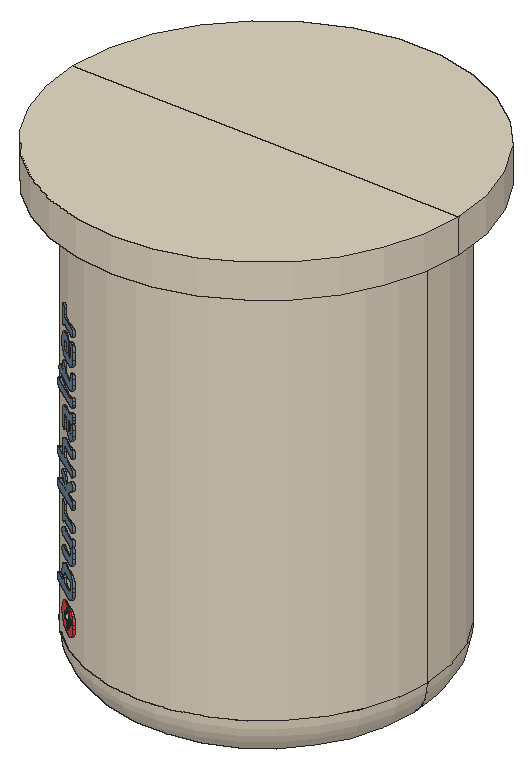
Revit family "Salzbehälter", category HLS-Bauteile, Revit 2022
Family settings
  Bemaßung runder Anschluss = Durchmesser verwenden
  Klassifizierung = Keine
  Teiletyp = Normal
  Arbeitsebenenbasiert = Nein
  Immer vertikal = Ja
  Beim Laden mit Abzugskörper schneiden = Nein
  Beschriftungsausrichtung beibehalten = Nein
  Gemeinsam genutzt = Nein
  Raumberechnungspunkt = Nein
Parameters (values of type "Salzbehälter - 75L")
  ZD = 75 mm  # constant formula
  Typ = "75L"
  LUT = "Salzbehälter"  # constant formula
  Homepage = "https://www.burkhalter-h2o.ch/de"
  HB = E1 + ZD  # 845 mm
  E1 = E - 60 mm  # 770 mm
  E = size_lookup(LUT, Typ, 1 mm, "E")  # 830 mm
  Vorgabe-Ansicht = 0 mm
  D1 = size_lookup(LUT, Typ, 1 mm, "D1")  # 680 mm
  D = size_lookup(LUT, Typ, 1 mm, "D")  # 570 mm
Types (11, lengths in mm): name | Typ | HB | E1 | E | D1 | D
  Salzbehälter - 15L | "15L" | 800 | 725 | 785 | 600 | 480
  Salzbehälter - 25L | "25L" | 800 | 725 | 785 | 600 | 480
  Salzbehälter - 50L | "50L" | 845 | 770 | 830 | 680 | 570
  Salzbehälter - 75L | "75L" | 845 | 770 | 830 | 680 | 570
  Salzbehälter - 100L | "100L" | 1015 | 940 | 1000 | 765 | 660
  Salzbehälter - 125L | "125L" | 1015 | 940 | 1000 | 765 | 660
  Salzbehälter - 150L | "150L" | 940 | 865 | 925 | 875 | 760
  Salzbehälter - 200L | "200L" | 940 | 865 | 925 | 875 | 760
  Salzbehälter - 250L | "250L" | 940 | 865 | 925 | 875 | 760
  Salzbehälter - 300L | "300L" | 1105 | 1030 | 1090 | 1000 | 890
  Salzbehälter - 400L | "400L" | 1105 | 1030 | 1090 | 1000 | 890
Reference planes
  plane 1 "Mitte (Vorne/hinten)": y = 0
  plane 2: z = 0
  plane 3 "Mitte (Links/rechts)": x = 0
  plane 4: x = -340
  plane 5: z = 75
  plane 6: z = 830
  plane 7: z = 770
  plane 8: x = 340
  plane 9: x = -285
  plane 10: x = 285
  plane 11: through (0, 0, 1200) normal (0.866, -0.5, 0)
  plane 12: z = 100
  plane 13: z = 158.593
  plane 14: z = 212.875
  plane 15: z = 268.954
  plane 16: z = 306.86
  plane 17: z = 356.977
  plane 18: z = 451.541
  plane 19: z = 465.796
  plane 20: z = 490.727
  plane 21: z = 526.518
  plane 22: z = 578.573
Forms (mm)
  Revolve 1, solid, material "Plastic, Formed"
    sketch origin (0, 0, 0) x (1, 0, 0) y (0, 0, 1)
      loop
        line (-340, 830) -> (-340, 770) -> (0, 770) -> (0, 830) -> (-340, 830)
      axis (0, 830) -> (0, 770)
    angle from 0 to 360
Dimensions and locks
  "ZD": plane 5 to plane 2
  "E": plane 6 to plane 2
  "E1": plane 7 to plane 2
  equal spacing: plane 8, plane 3 "Mitte (Links/rechts)", plane 4
  "D1": plane 8 to plane 4
  equal spacing: plane 10, plane 3 "Mitte (Links/rechts)", plane 9
  "D": plane 10 to plane 9
  locked: plane 13 to plane 12 at 58.593
  locked: plane 14 to plane 13 at 54.282
  locked: plane 15 to plane 14 at 56.079
  locked: plane 16 to plane 15 at 37.905
  locked: plane 17 to plane 16 at 50.117
  locked: plane 18 to plane 17 at 94.563
  locked: plane 19 to plane 18 at 14.255
  locked: plane 20 to plane 19 at 24.931
  locked: plane 21 to plane 20 at 35.791
  locked: plane 22 to plane 21 at 52.055
  plane 12 to plane 2 = 100 mm
  aligned and locked: level to plane 2
  aligned and locked: plane 3 "Mitte (Links/rechts)" to nested 1
  aligned and locked: Revolve 1 sketch curve to plane 6
  aligned and locked: plane 4 to Revolve 1 sketch curve
  aligned and locked: nested 1 to Revolve 1 sketch curve
  aligned and locked: Revolve 1 sketch curve to plane 3 "Mitte (Links/rechts)"  (x2)
  aligned and locked: nested 2 to plane 12
  aligned and locked: nested 3 to plane 13
  aligned and locked: nested 4 to plane 15
  aligned and locked: nested 5 to plane 14
  aligned and locked: nested 6 to plane 16
  aligned and locked: nested 7 to plane 17
  aligned and locked: plane 18 to nested 8
  aligned and locked: nested 9 to plane 19
  aligned and locked: nested 10 to plane 20
  aligned and locked: nested 11 to plane 21
  aligned and locked: nested 12 to plane 22
Automatic sketch dimensions
  Revolve 1 sketch curve to level = 366.045 mm
  Revolve 1 sketch curve to Revolve 1 sketch curve = 1429.315 mm
Nested families
  nested 1: "RI-Behälter Typ 3" at (0, 0, 0), Eingabewert_Durchmesser <- "D", Eingabewert_Zylinderdeckel_Höhe <- "ZD", Eingabewert_Höhe <- "HB", type "RI-Behälter Typ 3"
    with Wertkontrolle_Zylinderdeckel_Höhe 75 mm, Wertkontrolle_Höhe 845 mm, Wertkontrolle_Durchmesser 570 mm, Eingabewert_Zylinderdeckel_Höhe 75 mm, Eingabewert_Höhe 845 mm, Eingabewert_Durchmesser 570 mm, Berechnet_Radius 285 mm
  nested 2: "Icon" at (-164.247, -232.912, 100) x (0.8172, -0.5763, 0) z (-0.5763, -0.8172, 0), type "Icon"
  nested 3: "b" at (-164.252, -232.908, 158.593) x (0.8172, -0.5763, 0) z (-0.5763, -0.8172, 0), type "b"
  nested 4: "r" at (-164.257, -232.905, 268.954) x (0.8172, -0.5763, 0) z (-0.5763, -0.8172, 0), type "r"
  nested 5: "u" at (-164.254, -232.907, 212.875) x (0.8172, -0.5763, 0) z (-0.5763, -0.8172, 0), type "u"
  nested 6: "k" at (-164.254, -232.907, 306.86) x (0.8172, -0.5763, 0) z (-0.5763, -0.8172, 0), type "k"
  nested 7: "h" at (-164.245, -232.914, 356.977) x (0.8172, -0.5763, 0) z (-0.5763, -0.8172, 0), type "h"
  nested 8: "a" at (-164.254, -232.907, 408.436) x (0.8172, -0.5763, 0) z (-0.5763, -0.8172, 0), type "a"
  nested 9: "l" at (-164.254, -232.907, 465.796) x (0.8172, -0.5763, 0) z (-0.5763, -0.8172, 0), type "l"
  nested 10: "t" at (-164.254, -232.907, 490.727) x (0.8172, -0.5763, 0) z (-0.5763, -0.8172, 0), type "t"
  nested 11: "e" at (-164.254, -232.907, 526.518) x (0.8172, -0.5763, 0) z (-0.5763, -0.8172, 0), type "e"
  nested 12: "r" at (-164.267, -232.897, 578.573) x (0.8172, -0.5764, 0) z (-0.5764, -0.8172, 0), type "r"
Definition of nested family "RI-Behälter Typ 3"
  Parameters (values of type "RI-Behälter Typ 3")
    Wertkontrolle_Zylinderdeckel_Höhe [instance] = if(Eingabewert_Zylinderdeckel_Höhe > Berechnet_Radius, Berechnet_Radius, Eingabewert_Zylinderdeckel_Höhe)  # 400 mm
    Wertkontrolle_Höhe [instance] = if(Eingabewert_Höhe < (2 * Wertkontrolle_Zylinderdeckel_Höhe + 1 mm), (2 * Wertkontrolle_Zylinderdeckel_Höhe + 1 mm), Eingabewert_Höhe)  # 2380 mm
    Wertkontrolle_Durchmesser [instance] = if(Eingabewert_Durchmesser < (2 * Berechnet_Radius), (2 * Berechnet_Radius), Eingabewert_Durchmesser)  # 2000 mm
    Eingabewert_Zylinderdeckel_Höhe [instance] = 400 mm
    Default Elevation = 0 mm
    Homepage = "https://www.burkhalter-h2o.ch"
    Eingabewert_Höhe [instance] = 2380 mm
    Eingabewert_Durchmesser [instance] = 2000 mm
    Datenblatt = "https://www.burkhalter-h2o.ch/dam/datenblaetter/enthaertungsanlagen/de/neptun/einsaeulen/03_datenblatt_wasserenthaerter_neptun-medius_de.pdf"
    Berechnet_Radius [instance] = Eingabewert_Durchmesser / 2  # 1000 mm
  Reference planes
    plane 1 "Mitte (Vorne/hinten)": y = 0
    plane 2: z = 0
    plane 3 "Mitte (Links/rechts)": x = 0
    plane 4: z = 1980
    plane 5: x = -1000
    plane 6: x = 1000
    plane 7: z = 2380
    plane 8: z = 400
  Forms (mm)
    Revolve 1, solid
      sketch origin (0, 0, 455) x (1, 0, 0) y (0, 0, 1)
        loop
          line (-1000, 1525) -> (-1000, -55) -> (0, -55) -> (0, 1525) -> (-1000, 1525)
        axis (0, 1525) -> (0, -55)
      angle from 0 to 360
  Dimensions and locks
    equal spacing: plane 6, plane 3 "Mitte (Links/rechts)", plane 5
    "Wertkontrolle_Durchmesser": plane 6 to plane 5
    "Wertkontrolle_Höhe": plane 7 to plane 2
    "Wertkontrolle_Zylinderdeckel_Höhe": plane 7 to plane 4
    "Eingabewert_Zylinderdeckel_Höhe": plane 8 to plane 2
    aligned and locked: level to plane 2
    aligned and locked: Revolve 1 sketch curve to plane 4
    aligned and locked: plane 5 to Revolve 1 sketch curve
    aligned and locked: Revolve 1 sketch curve to plane 3 "Mitte (Links/rechts)"
    aligned and locked: plane 2 to nested 1
    aligned and locked: plane 8 to nested 1
    aligned and locked: Revolve 1 to plane 8
  Automatic sketch dimensions
    Revolve 1 sketch curve to plane 3 "Mitte (Links/rechts)" = 0 mm
    level to Revolve 1 sketch curve = 88.955 mm
    Revolve 1 sketch curve to Revolve 1 sketch curve = 1759.315 mm
    level to Revolve 1 sketch curve = 400 mm
  Nested families
    nested 1: "RI-Zylinderdeckel" at (0, 0, 400) x (1, 0, 0) z (0, 0, -1), Eingabewert_Radius <- "Berechnet_Radius", Eingabewert_Höhe <- "Eingabewert_Zylinderdeckel_Höhe", type "RI-Zylinderdeckel"
      with Wertkontrolle_Radius 1000 mm, Wertkontrolle_Höhe 400 mm, Eingabewert_Wölbung 400 mm, Eingabewert_Radius 1000 mm, Eingabewert_Höhe 400 mm
  Definition of nested family "RI-Zylinderdeckel"
    Parameters (values of type "RI-Zylinderdeckel")
      Default Elevation = 0 mm
      Wertkontrolle_Radius [instance] = if(Eingabewert_Radius < Minimum, Minimum, if(Eingabewert_Radius > Maximum, Maximum, if(Eingabewert_Höhe > Eingabewert_Radius, Eingabewert_Höhe, Eingabewert_Radius)))  # 60 mm
      Eingabewert_Wölbung [instance] = Eingabewert_Höhe  # 60 mm
      Eingabewert_Radius [instance] = 50 mm
      Minimum = 15 mm  # constant formula
      Maximum = 9999 mm  # constant formula
      Wertkontrolle_Höhe [instance] = if(Eingabewert_Höhe < Minimum, Minimum, if(Eingabewert_Höhe > Maximum, Maximum, Eingabewert_Höhe))  # 60 mm
      Eingabewert_Höhe [instance] = 60 mm
    Reference planes
      plane 1 "Mitte (Vorne/hinten)": y = 0
      plane 2: z = 0
      plane 3 "Mitte (Links/rechts)": x = 0
      plane 4: z = 60
      plane 5: x = -60
    Forms (mm)
      Revolve 1, solid
        sketch origin (0, 0, 0) x (1, 0, 0) y (0, 0, 1)
          loop
            line (-60, 60) -> (-60, 0) -> (0, 0) -> (0, 60) -> (-60, 60)
          axis (0, 60) -> (0, 0)
        angle from 0 to 360
      Revolve 2, void
        sketch origin (0, 0, 0) x (1, 0, 0) y (0, 0, 1)
          loop
            arc (-60, 0) -> (-42.426, 42.426) -> (0, 60) r 60
            line (0, 60) -> (-60, 60) -> (-60, 0)
          axis (0, 60) -> (0, 0)
        angle from 0 to 360
    Cuts and joins
      Revolve 2 cuts Revolve 1
    Dimensions and locks
      "Wertkontrolle_Radius": plane 3 "Mitte (Links/rechts)" to plane 5
      "Wertkontrolle_Höhe": plane 4 to level
      "Eingabewert_Wölbung": radius of Revolve 2 sketch curve
      aligned and locked: level to plane 2
      aligned and locked: Revolve 1 sketch curve to plane 4
      aligned and locked: plane 5 to Revolve 1 sketch curve
      aligned and locked: plane 2 to Revolve 1 sketch curve
      aligned and locked: Revolve 1 sketch curve to plane 3 "Mitte (Links/rechts)"  (x2)
      aligned and locked: Revolve 2 sketch curve to plane 3 "Mitte (Links/rechts)"
      aligned and locked: plane 5 to Revolve 2 sketch curve
      aligned and locked: Revolve 2 sketch curve to plane 4
    Automatic sketch dimensions
      Revolve 1 sketch curve to level = 366.045 mm
      plane 4 to Revolve 1 sketch curve = 1902.276 mm
      Revolve 2 sketch curve to level = 366.045 mm
      Revolve 2 sketch curve to Revolve 2 sketch curve = 2114.315 mm
Definition of nested family "Icon"
  Parameters (values of type "Icon")
    Default Elevation = 1219.2 mm
    Höhe = 0.1 mm
  Reference planes
    plane 1 "Mitte (Vorne/hinten)": y = 0
    plane 2: z = 0
    plane 3 "Mitte (Links/rechts)": x = 0
    plane 4: z = 0.1
    plane 5: z = -50
    plane 6: x = 30
  Forms (mm)
    Extrusion 1, solid
      sketch origin (0, 0, 0) x (1, 0, 0) y (0, 1, 0)
        loop
          line (-1219.2, 1219.2) -> (-1219.2, -1219.2) -> (1219.2, -1219.2) -> (1219.2, 1219.2) -> (-1219.2, 1219.2)
      from 0 to -304.8
    Extrusion 2, solid
      sketch origin (-1602.15, 250.908, 0) x (0, 1, 0) y (-1, 0, 0)
        loop
          arc (-231.908, -1578.74) -> (-245.343, -1584.305) -> (-250.908, -1597.74) r 19
          line (-250.908, -1597.74) -> (-250.908, -1613.15)
          arc (-250.908, -1613.15) -> (-245.343, -1626.585) -> (-231.908, -1632.15) r 19
          line (-231.908, -1632.15) -> (-224.536, -1632.15)
          arc (-224.536, -1632.15) -> (-211.101, -1626.585) -> (-205.536, -1613.15) r 19
          line (-205.536, -1613.15) -> (-205.536, -1597.74)
          arc (-205.536, -1597.74) -> (-211.101, -1584.305) -> (-224.536, -1578.74) r 19
          line (-224.536, -1578.74) -> (-231.908, -1578.74)
        loop
          arc (-223.487, -1593.713) -> (-228.222, -1588.977) -> (-232.957, -1593.713) r 4.735
          line (-232.957, -1593.713) -> (-232.957, -1600.71) -> (-239.911, -1600.71)
          arc (-239.911, -1600.71) -> (-244.646, -1605.445) -> (-239.911, -1610.18) r 4.735
          line (-239.911, -1610.18) -> (-232.957, -1610.18) -> (-232.957, -1616.831)
          arc (-232.957, -1616.831) -> (-228.222, -1621.566) -> (-223.487, -1616.831) r 4.735
          line (-223.487, -1616.831) -> (-223.487, -1610.18) -> (-216.523, -1610.18)
          arc (-216.523, -1610.18) -> (-211.788, -1605.445) -> (-216.523, -1600.71) r 4.735
          line (-216.523, -1600.71) -> (-223.487, -1600.71) -> (-223.487, -1593.713)
      from -50 to 0.1
    Extrusion 3, solid
      sketch origin (3.295, 0, 0) x (1, 0, 0) y (0, 1, 0)
        loop
          line (-4.735, 27.421) -> (-11.732, 27.421)
          arc (-11.732, 27.421) -> (-16.467, 22.686) -> (-11.732, 17.951) r 4.735
          line (-11.732, 17.951) -> (-4.735, 17.951) -> (-4.735, 10.997)
          arc (-4.735, 10.997) -> (0, 6.262) -> (4.735, 10.997) r 4.735
          line (4.735, 10.997) -> (4.735, 17.951) -> (11.386, 17.951)
          arc (11.386, 17.951) -> (16.121, 22.686) -> (11.386, 27.421) r 4.735
          line (11.386, 27.421) -> (4.735, 27.421) -> (4.735, 34.384)
          arc (4.735, 34.384) -> (0, 39.119) -> (-4.735, 34.384) r 4.735
          line (-4.735, 34.384) -> (-4.735, 27.421)
      from -50 to 0
  Dimensions and locks
    "Höhe": plane 4 to level
    locked: plane 2 to plane 5 at 50
    plane 3 "Mitte (Links/rechts)" to plane 6 = 30 mm
    aligned and locked: plane 2 to Extrusion 1
    aligned and locked: level to Extrusion 1
    aligned and locked: Extrusion 2 to plane 5
    aligned and locked: plane 4 to Extrusion 2
    aligned and locked: Extrusion 3 to plane 5
    aligned and locked: level to Extrusion 3
  Automatic sketch dimensions
    Extrusion 1 sketch curve to Extrusion 1 sketch curve = 2438.4 mm  (x2)
    Extrusion 2 sketch curve to plane 1 "Mitte (Vorne/hinten)" = 0 mm
    Extrusion 2 sketch curve to plane 3 "Mitte (Links/rechts)" = 1.44 mm
    Extrusion 2 sketch curve to Extrusion 2 sketch curve = 10.997 mm
    Extrusion 2 sketch curve to Extrusion 2 sketch curve = 6.953 mm  (x2)
    Extrusion 2 sketch curve to Extrusion 2 sketch curve = 1.049 mm  (x2)
    Extrusion 2 sketch curve to Extrusion 2 sketch curve = 4.735 mm  (x2)
    Extrusion 2 sketch curve to Extrusion 2 sketch curve = 7.372 mm  (x2)
    Extrusion 2 sketch curve to Extrusion 2 sketch curve = 6.963 mm
    plane 3 "Mitte (Links/rechts)" to Extrusion 2 sketch curve = 11 mm
    Extrusion 2 sketch curve to Extrusion 2 sketch curve = 10.987 mm
    Extrusion 2 sketch curve to Extrusion 2 sketch curve = 3.681 mm
    Extrusion 2 sketch curve to Extrusion 2 sketch curve = 2.97 mm  (x2)
    plane 3 "Mitte (Links/rechts)" to Extrusion 2 sketch curve = 3.295 mm
    Extrusion 2 sketch curve to plane 3 "Mitte (Links/rechts)" = 4.41 mm
    Extrusion 2 sketch curve to Extrusion 2 sketch curve = 4.027 mm
    Extrusion 2 sketch curve to Extrusion 2 sketch curve = 0 mm  (x4)
    plane 3 "Mitte (Links/rechts)" to Extrusion 3 sketch curve = 3.295 mm  (x2)
    Extrusion 3 sketch curve to Extrusion 3 sketch curve = 4.735 mm  (x3)
    Extrusion 3 sketch curve to plane 1 "Mitte (Vorne/hinten)" = 34.384 mm
    Extrusion 3 sketch curve to Extrusion 3 sketch curve = 6.963 mm
    Extrusion 3 sketch curve to Extrusion 3 sketch curve = 6.651 mm
    plane 3 "Mitte (Links/rechts)" to Extrusion 3 sketch curve = 8.03 mm
    Extrusion 3 sketch curve to Extrusion 3 sketch curve = 6.953 mm  (x2)
    Extrusion 3 sketch curve to Extrusion 3 sketch curve = 6.997 mm
Definition of nested family "b"
  Parameters (values of type "b")
    Default Elevation = 1219.2 mm
    Höhe = 0.1 mm
  Reference planes
    plane 1 "Mitte (Vorne/hinten)": y = 0
    plane 2: z = 0
    plane 3 "Mitte (Links/rechts)": x = 0
    plane 4: z = 0.1
    plane 5: z = -50
    plane 6: x = 30
  Forms (mm)
    Extrusion 1, solid
      sketch origin (0, 0, 0) x (1, 0, 0) y (0, 1, 0)
        loop
          line (-1219.2, 1219.2) -> (-1219.2, -1219.2) -> (1219.2, -1219.2) -> (1219.2, 1219.2) -> (-1219.2, 1219.2)
      from 0 to -304.8
    Extrusion 2, solid
      sketch origin (-1602.15, 192.105, 0) x (0, 1, 0) y (-1, 0, 0)
        loop
          arc (-166.671, -1632.15) -> (-153.236, -1626.585) -> (-147.671, -1613.15) r 19
          line (-147.671, -1613.15) -> (-147.671, -1594.605)
          arc (-147.671, -1594.605) -> (-152.318, -1583.387) -> (-163.536, -1578.74) r 15.866
          line (-163.536, -1578.74) -> (-170.28, -1578.74)
          arc (-170.28, -1578.74) -> (-174.519, -1579.612) -> (-178.07, -1582.086) r 10.739
          line (-178.07, -1582.086) -> (-178.07, -1562.061)
          arc (-178.07, -1562.061) -> (-185.087, -1555.044) -> (-192.105, -1562.061) r 7.017
          line (-192.105, -1562.061) -> (-192.105, -1613.15)
          arc (-192.105, -1613.15) -> (-186.54, -1626.585) -> (-173.105, -1632.15) r 19
          line (-173.105, -1632.15) -> (-166.671, -1632.15)
        loop
          arc (-161.353, -1597.02) -> (-170.011, -1588.362) -> (-178.668, -1597.02) r 8.658
          line (-178.668, -1597.02) -> (-178.668, -1613.51)
          arc (-178.668, -1613.51) -> (-170.011, -1622.168) -> (-161.353, -1613.51) r 8.658
          line (-161.353, -1613.51) -> (-161.353, -1597.02)
      from -50 to 0.1
  Dimensions and locks
    "Höhe": plane 4 to level
    locked: plane 2 to plane 5 at 50
    plane 3 "Mitte (Links/rechts)" to plane 6 = 30 mm
    aligned and locked: plane 2 to Extrusion 1
    aligned and locked: level to Extrusion 1
    aligned and locked: plane 4 to Extrusion 2
    aligned and locked: Extrusion 2 to plane 5
  Automatic sketch dimensions
    Extrusion 1 sketch curve to Extrusion 1 sketch curve = 2438.4 mm  (x2)
    Extrusion 2 sketch curve to plane 1 "Mitte (Vorne/hinten)" = 0 mm
    Extrusion 2 sketch curve to Extrusion 2 sketch curve = 7.017 mm
    Extrusion 2 sketch curve to Extrusion 2 sketch curve = 0.598 mm
    Extrusion 2 sketch curve to Extrusion 2 sketch curve = 5.564 mm
    Extrusion 2 sketch curve to plane 3 "Mitte (Links/rechts)" = 12.671 mm
    Extrusion 2 sketch curve to Extrusion 2 sketch curve = 7.79 mm
    Extrusion 2 sketch curve to Extrusion 2 sketch curve = 0.27 mm
    Extrusion 2 sketch curve to Extrusion 2 sketch curve = 3.34 mm
    Extrusion 2 sketch curve to Extrusion 2 sketch curve = 2.184 mm
    Extrusion 2 sketch curve to Extrusion 2 sketch curve = 13.682 mm
    Extrusion 2 sketch curve to plane 3 "Mitte (Links/rechts)" = 7.544 mm
    Extrusion 2 sketch curve to Extrusion 2 sketch curve = 2.414 mm
    Extrusion 2 sketch curve to Extrusion 2 sketch curve = 16.13 mm
    Extrusion 2 sketch curve to Extrusion 2 sketch curve = 0.36 mm
    Extrusion 2 sketch curve to Extrusion 2 sketch curve = 16.679 mm
Definition of nested family "r"
  Parameters (values of type "r")
    Default Elevation = 1219.2 mm
    Höhe = 0.1 mm
  Reference planes
    plane 1 "Mitte (Vorne/hinten)": y = 0
    plane 2: z = 0
    plane 3 "Mitte (Links/rechts)": x = 0
    plane 4: z = 0.1
    plane 5: z = -50
    plane 6: x = 30
  Forms (mm)
    Extrusion 1, solid
      sketch origin (0, 0, 0) x (1, 0, 0) y (0, 1, 0)
        loop
          line (-1219.2, 1219.2) -> (-1219.2, -1219.2) -> (1219.2, -1219.2) -> (1219.2, 1219.2) -> (-1219.2, 1219.2)
      from 0 to -304.8
    Extrusion 2, solid
      sketch origin (-1602.15, -227.515, 0) x (0, 1, 0) y (-1, 0, 0)
        loop
          arc (227.515, -1625.133) -> (234.532, -1632.15) -> (241.549, -1625.133) r 7.017
          line (241.549, -1625.133) -> (241.549, -1593.207)
          arc (241.549, -1593.207) -> (242.286, -1591.535) -> (244.016, -1590.95) r 2.265
          line (244.016, -1590.95) -> (252.766, -1590.95)
          arc (252.766, -1590.95) -> (258.729, -1584.987) -> (252.766, -1579.024) r 5.963
          line (252.766, -1579.024) -> (247.504, -1579.024)
          arc (247.504, -1579.024) -> (242.01, -1580.274) -> (237.598, -1583.777) r 12.701
          line (237.598, -1583.777) -> (233.789, -1579.969)
          arc (233.789, -1579.969) -> (226.525, -1581.039) -> (225.454, -1588.304) r 6.155
          line (225.454, -1588.304) -> (227.515, -1590.364) -> (227.515, -1625.133)
      from -50 to 0.1
  Dimensions and locks
    "Höhe": plane 4 to level
    locked: plane 2 to plane 5 at 50
    plane 3 "Mitte (Links/rechts)" to plane 6 = 30 mm
    aligned and locked: plane 2 to Extrusion 1
    aligned and locked: level to Extrusion 1
    aligned and locked: plane 4 to Extrusion 2
    aligned and locked: Extrusion 2 to plane 5
  Automatic sketch dimensions
    Extrusion 1 sketch curve to Extrusion 1 sketch curve = 2438.4 mm  (x2)
    plane 1 "Mitte (Vorne/hinten)" to Extrusion 2 sketch curve = 2.061 mm
    Extrusion 2 sketch curve to plane 1 "Mitte (Vorne/hinten)" = 0 mm
    Extrusion 2 sketch curve to Extrusion 2 sketch curve = 3.362 mm
    Extrusion 2 sketch curve to Extrusion 2 sketch curve = 2.912 mm
    Extrusion 2 sketch curve to Extrusion 2 sketch curve = 7.017 mm
    Extrusion 2 sketch curve to Extrusion 2 sketch curve = 3.808 mm
    Extrusion 2 sketch curve to Extrusion 2 sketch curve = 2.265 mm
    Extrusion 2 sketch curve to Extrusion 2 sketch curve = 0.202 mm
    Extrusion 2 sketch curve to Extrusion 2 sketch curve = 9.906 mm
    Extrusion 2 sketch curve to Extrusion 2 sketch curve = 5.262 mm
    plane 3 "Mitte (Links/rechts)" to Extrusion 2 sketch curve = 22.983 mm
    Extrusion 2 sketch curve to plane 3 "Mitte (Links/rechts)" = 8.943 mm
    Extrusion 2 sketch curve to Extrusion 2 sketch curve = 0.775 mm
    Extrusion 2 sketch curve to plane 3 "Mitte (Links/rechts)" = 11.786 mm
    Extrusion 2 sketch curve to Extrusion 2 sketch curve = 2.061 mm
    Extrusion 2 sketch curve to Extrusion 2 sketch curve = 4.973 mm
    Extrusion 2 sketch curve to Extrusion 2 sketch curve = 5.963 mm
Definition of nested family "u"
  Parameters (values of type "u")
    Default Elevation = 1219.2 mm
    Höhe = 0.1 mm
  Reference planes
    plane 1 "Mitte (Vorne/hinten)": y = 0
    plane 2: z = 0
    plane 3 "Mitte (Links/rechts)": x = 0
    plane 4: z = 0.1
    plane 5: z = -50
    plane 6: x = 30
  Forms (mm)
    Extrusion 1, solid
      sketch origin (0, 0, 0) x (1, 0, 0) y (0, 1, 0)
        loop
          line (-1219.2, 1219.2) -> (-1219.2, -1219.2) -> (1219.2, -1219.2) -> (1219.2, 1219.2) -> (-1219.2, 1219.2)
      from 0 to -304.8
    Extrusion 2, solid
      sketch origin (-1602.15, 138.039, 0) x (0, 1, 0) y (-1, 0, 0)
        loop
          line (-138.039, -1585.387) -> (-138.039, -1615.729)
          arc (-138.039, -1615.729) -> (-133.229, -1627.34) -> (-121.618, -1632.15) r 16.421
          line (-121.618, -1632.15) -> (-112.395, -1632.15)
          arc (-112.395, -1632.15) -> (-108.043, -1631.007) -> (-104.813, -1627.873) r 8.861
          line (-104.813, -1627.873) -> (-101.606, -1630.731)
          arc (-101.606, -1630.731) -> (-93.616, -1630.589) -> (-92.341, -1622.701) r 6.229
          line (-92.341, -1622.701) -> (-95.015, -1619.73) -> (-95.015, -1585.387)
          arc (-95.015, -1585.387) -> (-102.033, -1578.369) -> (-109.05, -1585.387) r 7.017
          line (-109.05, -1585.387) -> (-109.05, -1614.137)
          arc (-109.05, -1614.137) -> (-116.527, -1621.614) -> (-124.004, -1614.137) r 7.477
          line (-124.004, -1614.137) -> (-124.004, -1585.387)
          arc (-124.004, -1585.387) -> (-131.021, -1578.369) -> (-138.039, -1585.387) r 7.017
      from -50 to 0.1
  Dimensions and locks
    "Höhe": plane 4 to level
    locked: plane 2 to plane 5 at 50
    plane 3 "Mitte (Links/rechts)" to plane 6 = 30 mm
    aligned and locked: plane 2 to Extrusion 1
    aligned and locked: level to Extrusion 1
    aligned and locked: plane 4 to Extrusion 2
    aligned and locked: Extrusion 2 to plane 5
  Automatic sketch dimensions
    Extrusion 1 sketch curve to Extrusion 1 sketch curve = 2438.4 mm  (x2)
    Extrusion 2 sketch curve to plane 1 "Mitte (Vorne/hinten)" = 0 mm
    Extrusion 2 sketch curve to Extrusion 2 sketch curve = 7.017 mm  (x2)
    Extrusion 2 sketch curve to Extrusion 2 sketch curve = 2.386 mm
    Extrusion 2 sketch curve to Extrusion 2 sketch curve = 5.091 mm
    Extrusion 2 sketch curve to Extrusion 2 sketch curve = 9.223 mm
    Extrusion 2 sketch curve to Extrusion 2 sketch curve = 7.583 mm
    Extrusion 2 sketch curve to Extrusion 2 sketch curve = 3.207 mm
    Extrusion 2 sketch curve to Extrusion 2 sketch curve = 3.91 mm
    plane 3 "Mitte (Links/rechts)" to Extrusion 2 sketch curve = 20.551 mm
    Extrusion 2 sketch curve to Extrusion 2 sketch curve = 2.675 mm
    plane 3 "Mitte (Links/rechts)" to Extrusion 2 sketch curve = 21.139 mm
    Extrusion 2 sketch curve to Extrusion 2 sketch curve = 3.182 mm
    Extrusion 2 sketch curve to Extrusion 2 sketch curve = 2.858 mm
    Extrusion 2 sketch curve to Extrusion 2 sketch curve = 2.971 mm
    plane 3 "Mitte (Links/rechts)" to Extrusion 2 sketch curve = 11.987 mm
    Extrusion 2 sketch curve to plane 3 "Mitte (Links/rechts)" = 16.763 mm
    Extrusion 2 sketch curve to Extrusion 2 sketch curve = 0 mm
Definition of nested family "k"
  Parameters (values of type "k")
    Default Elevation = 1219.2 mm
    Höhe = 0.1 mm
  Reference planes
    plane 1 "Mitte (Vorne/hinten)": y = 0
    plane 2: z = 0
    plane 3 "Mitte (Links/rechts)": x = 0
    plane 4: z = 0.1
    plane 5: z = -50
    plane 6: x = 30
  Forms (mm)
    Extrusion 1, solid
      sketch origin (0, 0, 0) x (1, 0, 0) y (0, 1, 0)
        loop
          line (-1219.2, 1219.2) -> (-1219.2, -1219.2) -> (1219.2, -1219.2) -> (1219.2, 1219.2) -> (-1219.2, 1219.2)
      from 0 to -304.8
    Extrusion 2, solid
      sketch origin (-1602.15, 44.272, 0) x (0, 1, 0) y (-1, 0, 0)
        loop
          line (-44.272, -1563.311) -> (-44.272, -1627.15)
          arc (-44.272, -1627.15) -> (-42.808, -1630.685) -> (-39.272, -1632.15) r 5
          line (-39.272, -1632.15) -> (-35.237, -1632.15)
          arc (-35.237, -1632.15) -> (-31.702, -1630.685) -> (-30.237, -1627.15) r 5
          line (-30.237, -1627.15) -> (-30.237, -1612.077)
          arc (-30.237, -1612.077) -> (-29.172, -1610.611) -> (-27.448, -1611.171) r 1.542
          line (-27.448, -1611.171) -> (-14.118, -1629.519)
          arc (-14.118, -1629.519) -> (-5.149, -1630.94) -> (-3.729, -1621.972) r 6.42
          line (-3.729, -1621.972) -> (-17.747, -1602.677) -> (-5.471, -1588.903)
          arc (-5.471, -1588.903) -> (-5.998, -1579.748) -> (-15.153, -1580.274) r 6.484
          line (-15.153, -1580.274) -> (-28.572, -1595.332)
          arc (-28.572, -1595.332) -> (-29.623, -1595.588) -> (-30.237, -1594.697) r 0.953
          line (-30.237, -1594.697) -> (-30.237, -1563.311)
          arc (-30.237, -1563.311) -> (-37.255, -1556.294) -> (-44.272, -1563.311) r 7.017
      from -50 to 0.1
  Dimensions and locks
    "Höhe": plane 4 to level
    locked: plane 2 to plane 5 at 50
    plane 3 "Mitte (Links/rechts)" to plane 6 = 30 mm
    aligned and locked: plane 2 to Extrusion 1
    aligned and locked: level to Extrusion 1
    aligned and locked: plane 4 to Extrusion 2
    aligned and locked: Extrusion 2 to plane 5
  Automatic sketch dimensions
    Extrusion 1 sketch curve to Extrusion 1 sketch curve = 2438.4 mm  (x2)
    Extrusion 2 sketch curve to plane 1 "Mitte (Vorne/hinten)" = 0 mm
    Extrusion 2 sketch curve to Extrusion 2 sketch curve = 5 mm  (x2)
    Extrusion 2 sketch curve to Extrusion 2 sketch curve = 7.017 mm
    Extrusion 2 sketch curve to Extrusion 2 sketch curve = 4.035 mm
    Extrusion 2 sketch curve to Extrusion 2 sketch curve = 0.953 mm
    Extrusion 2 sketch curve to Extrusion 2 sketch curve = 1.542 mm
    Extrusion 2 sketch curve to plane 3 "Mitte (Links/rechts)" = 6.818 mm
    Extrusion 2 sketch curve to Extrusion 2 sketch curve = 0.712 mm
    plane 3 "Mitte (Links/rechts)" to Extrusion 2 sketch curve = 9.021 mm
    Extrusion 2 sketch curve to Extrusion 2 sketch curve = 1.247 mm
    plane 3 "Mitte (Links/rechts)" to Extrusion 2 sketch curve = 0.528 mm
    Extrusion 2 sketch curve to Extrusion 2 sketch curve = 9.701 mm
    Extrusion 2 sketch curve to plane 3 "Mitte (Links/rechts)" = 21.875 mm
    Extrusion 2 sketch curve to Extrusion 2 sketch curve = 13.419 mm
    Extrusion 2 sketch curve to Extrusion 2 sketch curve = 16.12 mm
    Extrusion 2 sketch curve to Extrusion 2 sketch curve = 4.841 mm  (x2)
    Extrusion 2 sketch curve to Extrusion 2 sketch curve = 5.194 mm  (x2)
    Extrusion 2 sketch curve to plane 3 "Mitte (Links/rechts)" = 13.247 mm
    plane 3 "Mitte (Links/rechts)" to Extrusion 2 sketch curve = 19.822 mm
    Extrusion 2 sketch curve to Extrusion 2 sketch curve = 3.774 mm
    Extrusion 2 sketch curve to Extrusion 2 sketch curve = 15.072 mm
    Extrusion 2 sketch curve to plane 3 "Mitte (Links/rechts)" = 38.839 mm
Definition of nested family "h"
  Parameters (values of type "h")
    Default Elevation = 1219.2 mm
    Höhe = 0.1 mm
  Reference planes
    plane 1 "Mitte (Vorne/hinten)": y = 0
    plane 2: z = 0
    plane 3 "Mitte (Links/rechts)": x = 0
    plane 4: z = 0.1
    plane 5: z = -50
    plane 6: x = 30
  Forms (mm)
    Extrusion 1, solid
      sketch origin (0, 0, 0) x (1, 0, 0) y (0, 1, 0)
        loop
          line (-1219.2, 1219.2) -> (-1219.2, -1219.2) -> (1219.2, -1219.2) -> (1219.2, 1219.2) -> (-1219.2, 1219.2)
      from 0 to -304.8
    Extrusion 2, solid
      sketch origin (-1601.998, -6.645, 0) x (0, 1, 0) y (-1, 0, 0)
        loop
          arc (6.645, -1625.438) -> (13.206, -1631.998) -> (19.766, -1625.438) r 6.56
          line (19.766, -1625.438) -> (19.766, -1593.638)
          arc (19.766, -1593.638) -> (23.205, -1590.628) -> (27.637, -1589.517) r 9.745
          line (27.637, -1589.517) -> (32.002, -1589.517)
          arc (32.002, -1589.517) -> (34.929, -1590.73) -> (36.141, -1593.657) r 4.14
          line (36.141, -1593.657) -> (36.141, -1625.438)
          arc (36.141, -1625.438) -> (42.985, -1632.282) -> (49.829, -1625.438) r 6.844
          line (49.829, -1625.438) -> (49.829, -1594.605)
          arc (49.829, -1594.605) -> (45.182, -1583.387) -> (33.964, -1578.74) r 15.866
          line (33.964, -1578.74) -> (28.47, -1578.74)
          arc (28.47, -1578.74) -> (23.797, -1579.81) -> (20.055, -1582.806) r 10.739
          line (20.055, -1582.806) -> (20.055, -1562.061)
          arc (20.055, -1562.061) -> (13.35, -1555.356) -> (6.645, -1562.061) r 6.705
          line (6.645, -1562.061) -> (6.645, -1625.438)
      from -50 to 0.1
  Dimensions and locks
    "Höhe": plane 4 to level
    locked: plane 2 to plane 5 at 50
    plane 3 "Mitte (Links/rechts)" to plane 6 = 30 mm
    aligned and locked: plane 2 to Extrusion 1
    aligned and locked: level to Extrusion 1
    aligned and locked: plane 4 to Extrusion 2
    aligned and locked: Extrusion 2 to plane 5
  Automatic sketch dimensions
    Extrusion 1 sketch curve to Extrusion 1 sketch curve = 2438.4 mm  (x2)
    Extrusion 2 sketch curve to plane 1 "Mitte (Vorne/hinten)" = 0 mm
    Extrusion 2 sketch curve to Extrusion 2 sketch curve = 6.56 mm
    Extrusion 2 sketch curve to Extrusion 2 sketch curve = 6.705 mm
    Extrusion 2 sketch curve to plane 3 "Mitte (Links/rechts)" = 12.481 mm
    Extrusion 2 sketch curve to Extrusion 2 sketch curve = 7.871 mm
    Extrusion 2 sketch curve to Extrusion 2 sketch curve = 7.958 mm
    Extrusion 2 sketch curve to Extrusion 2 sketch curve = 8.415 mm
    Extrusion 2 sketch curve to Extrusion 2 sketch curve = 3.532 mm
    Extrusion 2 sketch curve to Extrusion 2 sketch curve = 5.494 mm
    Extrusion 2 sketch curve to Extrusion 2 sketch curve = 16.375 mm
    Extrusion 2 sketch curve to Extrusion 2 sketch curve = 6.844 mm
    Extrusion 2 sketch curve to plane 3 "Mitte (Links/rechts)" = 7.393 mm
    Extrusion 2 sketch curve to Extrusion 2 sketch curve = 5.605 mm
    Extrusion 2 sketch curve to Extrusion 2 sketch curve = 26.176 mm
    Extrusion 2 sketch curve to Extrusion 2 sketch curve = 0 mm
    Extrusion 2 sketch curve to Extrusion 2 sketch curve = 0.038 mm
    Extrusion 2 sketch curve to Extrusion 2 sketch curve = 16.679 mm
Definition of nested family "a"
  Parameters (values of type "a")
    Default Elevation = 1219.2 mm
    Höhe = 0.1 mm
  Reference planes
    plane 1 "Mitte (Vorne/hinten)": y = 0
    plane 2: z = 0
    plane 3 "Mitte (Links/rechts)": x = 0
    plane 4: z = 0.1
    plane 5: z = -50
    plane 6: x = 30
  Forms (mm)
    Extrusion 1, solid
      sketch origin (0, 0, 0) x (1, 0, 0) y (0, 1, 0)
        loop
          line (-1219.2, 1219.2) -> (-1219.2, -1219.2) -> (1219.2, -1219.2) -> (1219.2, 1219.2) -> (-1219.2, 1219.2)
      from 0 to -304.8
    Extrusion 2, solid
      sketch origin (-1602.15, -57.818, 0) x (0, 1, 0) y (-1, 0, 0)
        loop
          arc (100.923, -1594.605) -> (97.289, -1584.447) -> (88.036, -1578.898) r 16.016
          line (88.036, -1578.898) -> (72.5, -1578.898)
          arc (72.5, -1578.898) -> (66.191, -1581.111) -> (62.644, -1586.779) r 10.103
          arc (62.644, -1586.779) -> (62.678, -1587.478) -> (62.773, -1588.172) r 7.898
          arc (62.773, -1588.172) -> (67.05, -1593.208) -> (73.553, -1592.037) r 6.621
          arc (73.553, -1592.037) -> (75.313, -1590.515) -> (77.574, -1589.967) r 4.939
          line (77.574, -1589.967) -> (81.114, -1589.967)
          arc (81.114, -1589.967) -> (83.436, -1590.299) -> (85.572, -1591.271) r 8.268
          arc (85.572, -1591.271) -> (87.37, -1593.219) -> (87.974, -1595.8) r 5.193
          line (87.974, -1595.8) -> (87.974, -1602.293)
          arc (87.974, -1602.293) -> (82.989, -1600.723) -> (77.768, -1600.476) r 20.316
          arc (77.768, -1600.476) -> (69.37, -1602.364) -> (62.639, -1607.73) r 19.213
          arc (62.639, -1607.73) -> (59.568, -1616.527) -> (62.639, -1625.325) r 14.134
          arc (62.639, -1625.325) -> (67.547, -1629.692) -> (73.639, -1632.15) r 19.213
          line (73.639, -1632.15) -> (83.214, -1632.15)
          arc (83.214, -1632.15) -> (87.567, -1631.007) -> (90.797, -1627.873) r 8.861
          line (90.797, -1627.873) -> (94.003, -1630.731)
          arc (94.003, -1630.731) -> (95.835, -1631.822) -> (97.942, -1632.15) r 5.612
          line (97.942, -1632.15) -> (103.832, -1632.15)
          arc (103.832, -1632.15) -> (107.716, -1628.715) -> (105.796, -1623.898) r 4.506
          arc (105.796, -1623.898) -> (104.97, -1623.533) -> (104.109, -1623.262) r 8.113
          arc (104.109, -1623.262) -> (101.799, -1621.509) -> (100.923, -1618.746) r 4.794
          line (100.923, -1618.746) -> (100.923, -1594.605)
        loop
          arc (87.507, -1612.27) -> (86.739, -1610.417) -> (84.886, -1609.649) r 2.621
          line (84.886, -1609.649) -> (77.472, -1609.649)
          arc (77.472, -1609.649) -> (73.996, -1610.753) -> (71.794, -1613.66) r 6.024
          line (71.794, -1613.66) -> (71.794, -1618.671)
          arc (71.794, -1618.671) -> (72.736, -1620.81) -> (74.95, -1621.559) r 2.899
          line (74.95, -1621.559) -> (82.645, -1621.559)
          arc (82.645, -1621.559) -> (85.677, -1620.554) -> (87.507, -1617.937) r 5.074
          line (87.507, -1617.937) -> (87.507, -1612.27)
      from -50 to 0.1
  Dimensions and locks
    "Höhe": plane 4 to level
    locked: plane 2 to plane 5 at 50
    plane 3 "Mitte (Links/rechts)" to plane 6 = 30 mm
    aligned and locked: plane 2 to Extrusion 1
    aligned and locked: level to Extrusion 1
    aligned and locked: plane 4 to Extrusion 2
    aligned and locked: Extrusion 2 to plane 5
  Automatic sketch dimensions
    Extrusion 1 sketch curve to Extrusion 1 sketch curve = 2438.4 mm  (x2)
    Extrusion 2 sketch curve to plane 1 "Mitte (Vorne/hinten)" = 11.467 mm
    Extrusion 2 sketch curve to Extrusion 2 sketch curve = 1.258 mm
    plane 3 "Mitte (Links/rechts)" to Extrusion 2 sketch curve = 11.51 mm
    Extrusion 2 sketch curve to plane 1 "Mitte (Vorne/hinten)" = 13.977 mm
    Extrusion 2 sketch curve to Extrusion 2 sketch curve = 1.958 mm
    Extrusion 2 sketch curve to Extrusion 2 sketch curve = 1.845 mm
    Extrusion 2 sketch curve to Extrusion 2 sketch curve = 1.907 mm
    Extrusion 2 sketch curve to Extrusion 2 sketch curve = 0.992 mm
    Extrusion 2 sketch curve to Extrusion 2 sketch curve = 0.256 mm
    Extrusion 2 sketch curve to Extrusion 2 sketch curve = 3.77 mm
    Extrusion 2 sketch curve to Extrusion 2 sketch curve = 5.074 mm
    Extrusion 2 sketch curve to Extrusion 2 sketch curve = 2.983 mm
    Extrusion 2 sketch curve to Extrusion 2 sketch curve = 0.205 mm
    Extrusion 2 sketch curve to Extrusion 2 sketch curve = 1.751 mm
    Extrusion 2 sketch curve to Extrusion 2 sketch curve = 3.54 mm
    Extrusion 2 sketch curve to Extrusion 2 sketch curve = 5.173 mm
    Extrusion 2 sketch curve to Extrusion 2 sketch curve = 1.668 mm
    Extrusion 2 sketch curve to Extrusion 2 sketch curve = 9.575 mm
    Extrusion 2 sketch curve to Extrusion 2 sketch curve = 2.241 mm
    Extrusion 2 sketch curve to Extrusion 2 sketch curve = 2.125 mm
    Extrusion 2 sketch curve to Extrusion 2 sketch curve = 4.862 mm
    plane 3 "Mitte (Links/rechts)" to Extrusion 2 sketch curve = 0.144 mm
    Extrusion 2 sketch curve to Extrusion 2 sketch curve = 6.86 mm
    Extrusion 2 sketch curve to Extrusion 2 sketch curve = 6.922 mm
    plane 3 "Mitte (Links/rechts)" to Extrusion 2 sketch curve = 25.724 mm
    Extrusion 2 sketch curve to Extrusion 2 sketch curve = 7.583 mm
    Extrusion 2 sketch curve to Extrusion 2 sketch curve = 3.207 mm
    Extrusion 2 sketch curve to Extrusion 2 sketch curve = 3.734 mm
    Extrusion 2 sketch curve to Extrusion 2 sketch curve = 3.938 mm
    Extrusion 2 sketch curve to Extrusion 2 sketch curve = 3.186 mm
    Extrusion 2 sketch curve to Extrusion 2 sketch curve = 4.165 mm
    Extrusion 2 sketch curve to Extrusion 2 sketch curve = 1.226 mm
    Extrusion 2 sketch curve to Extrusion 2 sketch curve = 1.725 mm
    Extrusion 2 sketch curve to Extrusion 2 sketch curve = 4.794 mm
    Extrusion 2 sketch curve to Extrusion 2 sketch curve = 2.858 mm
    Extrusion 2 sketch curve to Extrusion 2 sketch curve = 0.393 mm
    Extrusion 2 sketch curve to Extrusion 2 sketch curve = 1.419 mm
    Extrusion 2 sketch curve to Extrusion 2 sketch curve = 4.276 mm
    Extrusion 2 sketch curve to Extrusion 2 sketch curve = 3.452 mm
    Extrusion 2 sketch curve to Extrusion 2 sketch curve = 1.73 mm
    Extrusion 2 sketch curve to Extrusion 2 sketch curve = 0.835 mm
    Extrusion 2 sketch curve to Extrusion 2 sketch curve = 1.036 mm
    Extrusion 2 sketch curve to Extrusion 2 sketch curve = 7.796 mm
    Extrusion 2 sketch curve to Extrusion 2 sketch curve = 3.622 mm
    Extrusion 2 sketch curve to Extrusion 2 sketch curve = 2.144 mm
    Extrusion 2 sketch curve to Extrusion 2 sketch curve = 0.855 mm
    Extrusion 2 sketch curve to Extrusion 2 sketch curve = 2.306 mm
    Extrusion 2 sketch curve to plane 3 "Mitte (Links/rechts)" = 3.915 mm
    Extrusion 2 sketch curve to Extrusion 2 sketch curve = 6.494 mm
    Extrusion 2 sketch curve to Extrusion 2 sketch curve = 2.582 mm
    Extrusion 2 sketch curve to Extrusion 2 sketch curve = 3.329 mm
    Extrusion 2 sketch curve to Extrusion 2 sketch curve = 1.047 mm
    Extrusion 2 sketch curve to Extrusion 2 sketch curve = 5.685 mm
    Extrusion 2 sketch curve to Extrusion 2 sketch curve = 0.965 mm
    Extrusion 2 sketch curve to Extrusion 2 sketch curve = 2.026 mm
    Extrusion 2 sketch curve to Extrusion 2 sketch curve = 0.22 mm
    Extrusion 2 sketch curve to Extrusion 2 sketch curve = 6.512 mm
    Extrusion 2 sketch curve to Extrusion 2 sketch curve = 0.128 mm
    Extrusion 2 sketch curve to Extrusion 2 sketch curve = 0 mm  (x2)
    Extrusion 2 sketch curve to Extrusion 2 sketch curve = 0.775 mm
Definition of nested family "l"
  Parameters (values of type "l")
    Default Elevation = 1219.2 mm
    Höhe = 0.1 mm
  Reference planes
    plane 1 "Mitte (Vorne/hinten)": y = 0
    plane 2: z = 0
    plane 3 "Mitte (Links/rechts)": x = 0
    plane 4: z = 0.1
    plane 5: z = -50
    plane 6: x = 30
  Forms (mm)
    Extrusion 1, solid
      sketch origin (0, 0, 0) x (1, 0, 0) y (0, 1, 0)
        loop
          line (-1219.2, 1219.2) -> (-1219.2, -1219.2) -> (1219.2, -1219.2) -> (1219.2, 1219.2) -> (-1219.2, 1219.2)
      from 0 to -304.8
    Extrusion 2, solid
      sketch origin (-1602.15, -115.267, 0) x (0, 1, 0) y (-1, 0, 0)
        loop
          arc (115.267, -1622.061) -> (116.133, -1626.809) -> (118.945, -1630.731) r 11.016
          arc (118.945, -1630.731) -> (120.777, -1631.822) -> (122.883, -1632.15) r 5.612
          line (122.883, -1632.15) -> (128.773, -1632.15)
          arc (128.773, -1632.15) -> (132.658, -1628.715) -> (130.737, -1623.898) r 4.506
          arc (130.737, -1623.898) -> (129.209, -1621.359) -> (128.677, -1618.444) r 8.25
          line (128.677, -1618.444) -> (128.677, -1562.061)
          arc (128.677, -1562.061) -> (121.972, -1555.356) -> (115.267, -1562.061) r 6.705
          line (115.267, -1562.061) -> (115.267, -1622.061)
      from -50 to 0.1
  Dimensions and locks
    "Höhe": plane 4 to level
    locked: plane 2 to plane 5 at 50
    plane 3 "Mitte (Links/rechts)" to plane 6 = 30 mm
    aligned and locked: plane 2 to Extrusion 1
    aligned and locked: level to Extrusion 1
    aligned and locked: plane 4 to Extrusion 2
    aligned and locked: Extrusion 2 to plane 5
  Automatic sketch dimensions
    Extrusion 1 sketch curve to Extrusion 1 sketch curve = 2438.4 mm  (x2)
    Extrusion 2 sketch curve to plane 1 "Mitte (Vorne/hinten)" = 0 mm
    Extrusion 2 sketch curve to Extrusion 2 sketch curve = 6.705 mm
    Extrusion 2 sketch curve to Extrusion 2 sketch curve = 7.411 mm
    Extrusion 2 sketch curve to Extrusion 2 sketch curve = 0.205 mm
    Extrusion 2 sketch curve to Extrusion 2 sketch curve = 2.403 mm
    Extrusion 2 sketch curve to Extrusion 2 sketch curve = 2.001 mm
    Extrusion 2 sketch curve to Extrusion 2 sketch curve = 0.498 mm
    Extrusion 2 sketch curve to Extrusion 2 sketch curve = 8.25 mm
    plane 3 "Mitte (Links/rechts)" to Extrusion 2 sketch curve = 30 mm
    Extrusion 2 sketch curve to Extrusion 2 sketch curve = 4.478 mm
    Extrusion 2 sketch curve to Extrusion 2 sketch curve = 5.608 mm
    Extrusion 2 sketch curve to Extrusion 2 sketch curve = 4.034 mm
    Extrusion 2 sketch curve to Extrusion 2 sketch curve = 4.481 mm
    Extrusion 2 sketch curve to Extrusion 2 sketch curve = 4.064 mm
    Extrusion 2 sketch curve to plane 3 "Mitte (Links/rechts)" = 40.089 mm
Definition of nested family "t"
  Parameters (values of type "t")
    Default Elevation = 1219.2 mm
    Höhe = 0.1 mm
  Reference planes
    plane 1 "Mitte (Vorne/hinten)": y = 0
    plane 2: z = 0
    plane 3 "Mitte (Links/rechts)": x = 0
    plane 4: z = 0.1
    plane 5: z = -50
    plane 6: x = 30
  Forms (mm)
    Extrusion 1, solid
      sketch origin (0, 0, 0) x (1, 0, 0) y (0, 1, 0)
        loop
          line (-1219.2, 1219.2) -> (-1219.2, -1219.2) -> (1219.2, -1219.2) -> (1219.2, 1219.2) -> (-1219.2, 1219.2)
      from 0 to -304.8
    Extrusion 2, solid
      sketch origin (-1602.048, -140.267, 0) x (0, 1, 0) y (-1, 0, 0)
        loop
          arc (140.267, -1618.325) -> (144.287, -1628.029) -> (153.991, -1632.048) r 13.724
          line (153.991, -1632.048) -> (164.254, -1632.048)
          arc (164.254, -1632.048) -> (170.021, -1626.281) -> (164.254, -1620.514) r 5.767
          line (164.254, -1620.514) -> (159.756, -1620.514)
          arc (159.756, -1620.514) -> (155.458, -1618.733) -> (153.677, -1614.435) r 6.079
          line (153.677, -1614.435) -> (153.677, -1593.988) -> (162.535, -1593.988)
          arc (162.535, -1593.988) -> (169.24, -1587.283) -> (162.535, -1580.578) r 6.705
          line (162.535, -1580.578) -> (153.677, -1580.578) -> (153.677, -1569.873)
          arc (153.677, -1569.873) -> (146.972, -1563.169) -> (140.267, -1569.873) r 6.705
          line (140.267, -1569.873) -> (140.267, -1618.325)
      from -50 to 0.1
  Dimensions and locks
    "Höhe": plane 4 to level
    locked: plane 2 to plane 5 at 50
    plane 3 "Mitte (Links/rechts)" to plane 6 = 30 mm
    aligned and locked: plane 2 to Extrusion 1
    aligned and locked: level to Extrusion 1
    aligned and locked: plane 4 to Extrusion 2
    aligned and locked: Extrusion 2 to plane 5
  Automatic sketch dimensions
    Extrusion 1 sketch curve to Extrusion 1 sketch curve = 2438.4 mm  (x2)
    Extrusion 2 sketch curve to plane 1 "Mitte (Vorne/hinten)" = 0 mm
    Extrusion 2 sketch curve to Extrusion 2 sketch curve = 6.705 mm  (x2)
    Extrusion 2 sketch curve to Extrusion 2 sketch curve = 13.41 mm
    Extrusion 2 sketch curve to Extrusion 2 sketch curve = 0.314 mm
    Extrusion 2 sketch curve to Extrusion 2 sketch curve = 6.079 mm
    Extrusion 2 sketch curve to plane 3 "Mitte (Links/rechts)" = 8.06 mm
    Extrusion 2 sketch curve to Extrusion 2 sketch curve = 8.858 mm
    Extrusion 2 sketch curve to Extrusion 2 sketch curve = 4.498 mm
    plane 3 "Mitte (Links/rechts)" to Extrusion 2 sketch curve = 12.387 mm
    Extrusion 2 sketch curve to Extrusion 2 sketch curve = 3.89 mm
    Extrusion 2 sketch curve to Extrusion 2 sketch curve = 10.705 mm
    Extrusion 2 sketch curve to Extrusion 2 sketch curve = 0 mm
Definition of nested family "e"
  Parameters (values of type "e")
    Default Elevation = 1219.2 mm
    Höhe = 0.1 mm
  Reference planes
    plane 1 "Mitte (Vorne/hinten)": y = 0
    plane 2: z = 0
    plane 3 "Mitte (Links/rechts)": x = 0
    plane 4: z = 0.1
    plane 5: z = -50
    plane 6: x = 30
  Forms (mm)
    Extrusion 1, solid
      sketch origin (0, 0, 0) x (1, 0, 0) y (0, 1, 0)
        loop
          line (-1219.2, 1219.2) -> (-1219.2, -1219.2) -> (1219.2, -1219.2) -> (1219.2, 1219.2) -> (-1219.2, 1219.2)
      from 0 to -304.8
    Extrusion 2, solid
      sketch origin (-1602.15, -175.437, 0) x (0, 1, 0) y (-1, 0, 0)
        loop
          arc (175.437, -1614.272) -> (180.673, -1626.913) -> (193.315, -1632.15) r 17.878
          line (193.315, -1632.15) -> (205.437, -1632.15)
          arc (205.437, -1632.15) -> (211.297, -1630.793) -> (215.966, -1626.999) r 13.338
          arc (215.966, -1626.999) -> (216.354, -1619.83) -> (209.343, -1618.286) r 5.546
          arc (209.343, -1618.286) -> (202.49, -1621.298) -> (195.006, -1621.439) r 19.061
          arc (195.006, -1621.439) -> (191.552, -1619.74) -> (189.515, -1616.473) r 7.009
          line (189.515, -1616.473) -> (189.515, -1612.17)
          arc (189.515, -1612.17) -> (189.805, -1611.47) -> (190.505, -1611.18) r 0.99
          line (190.505, -1611.18) -> (205.076, -1611.18)
          arc (205.076, -1611.18) -> (213.667, -1607.621) -> (217.226, -1599.029) r 12.151
          line (217.226, -1599.029) -> (217.226, -1594.619)
          arc (217.226, -1594.619) -> (212.462, -1583.117) -> (200.96, -1578.353) r 16.266
          line (200.96, -1578.353) -> (194.698, -1578.353)
          arc (194.698, -1578.353) -> (181.078, -1583.994) -> (175.437, -1597.614) r 19.262
          line (175.437, -1597.614) -> (175.437, -1614.272)
        loop
          arc (198.127, -1601.483) -> (204.386, -1595.225) -> (198.127, -1588.967) r 6.258
          arc (198.127, -1588.967) -> (195.213, -1589.223) -> (192.567, -1590.472) r 8.323
          arc (192.567, -1590.472) -> (190.5, -1592.712) -> (189.515, -1595.595) r 7.38
          line (189.515, -1595.595) -> (189.515, -1601.483) -> (198.127, -1601.483)
      from -50 to 0.1
  Dimensions and locks
    "Höhe": plane 4 to level
    locked: plane 2 to plane 5 at 50
    plane 3 "Mitte (Links/rechts)" to plane 6 = 30 mm
    aligned and locked: plane 2 to Extrusion 1
    aligned and locked: level to Extrusion 1
    aligned and locked: plane 4 to Extrusion 2
    aligned and locked: Extrusion 2 to plane 5
  Automatic sketch dimensions
    Extrusion 1 sketch curve to Extrusion 1 sketch curve = 2438.4 mm  (x2)
    Extrusion 2 sketch curve to plane 1 "Mitte (Vorne/hinten)" = 0 mm
    Extrusion 2 sketch curve to plane 3 "Mitte (Links/rechts)" = 0.666 mm
    Extrusion 2 sketch curve to Extrusion 2 sketch curve = 14.078 mm
    Extrusion 2 sketch curve to Extrusion 2 sketch curve = 0 mm  (x2)
    Extrusion 2 sketch curve to Extrusion 2 sketch curve = 0.99 mm
    Extrusion 2 sketch curve to Extrusion 2 sketch curve = 3.8 mm
    Extrusion 2 sketch curve to Extrusion 2 sketch curve = 5.183 mm
    Extrusion 2 sketch curve to Extrusion 2 sketch curve = 2.938 mm
    Extrusion 2 sketch curve to Extrusion 2 sketch curve = 2.143 mm
    Extrusion 2 sketch curve to Extrusion 2 sketch curve = 0.546 mm
    Extrusion 2 sketch curve to Extrusion 2 sketch curve = 0.74 mm
    Extrusion 2 sketch curve to Extrusion 2 sketch curve = 0.269 mm
    Extrusion 2 sketch curve to Extrusion 2 sketch curve = 6.262 mm
    Extrusion 2 sketch curve to Extrusion 2 sketch curve = 4.116 mm
    Extrusion 2 sketch curve to Extrusion 2 sketch curve = 0.361 mm
    Extrusion 2 sketch curve to Extrusion 2 sketch curve = 6.502 mm
    Extrusion 2 sketch curve to plane 3 "Mitte (Links/rechts)" = 3.121 mm
    Extrusion 2 sketch curve to Extrusion 2 sketch curve = 12.151 mm
    plane 3 "Mitte (Links/rechts)" to Extrusion 2 sketch curve = 12.122 mm
    Extrusion 2 sketch curve to Extrusion 2 sketch curve = 0.27 mm
    Extrusion 2 sketch curve to Extrusion 2 sketch curve = 4.303 mm
    Extrusion 2 sketch curve to Extrusion 2 sketch curve = 7.632 mm
    Extrusion 2 sketch curve to Extrusion 2 sketch curve = 4.374 mm
    Extrusion 2 sketch curve to Extrusion 2 sketch curve = 1.199 mm
    Extrusion 2 sketch curve to plane 3 "Mitte (Links/rechts)" = 4.536 mm
    Extrusion 2 sketch curve to Extrusion 2 sketch curve = 0.357 mm
    Extrusion 2 sketch curve to Extrusion 2 sketch curve = 0.769 mm
    Extrusion 2 sketch curve to Extrusion 2 sketch curve = 2.019 mm
    Extrusion 2 sketch curve to Extrusion 2 sketch curve = 1.263 mm
    Extrusion 2 sketch curve to Extrusion 2 sketch curve = 3.906 mm
